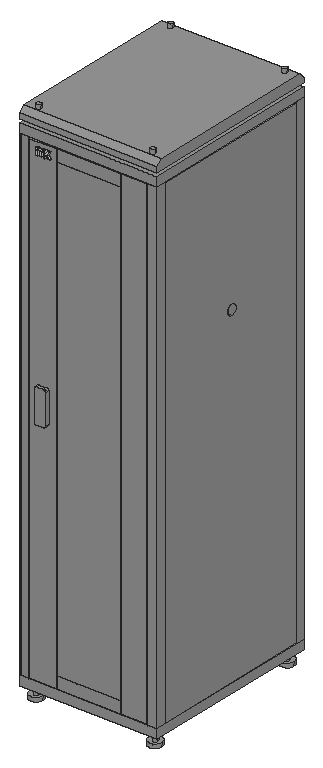
Revit family "ITK Шкаф сетевой 19 LINEA N 18U (600х600 мм и 600х800 мм) с перфорированной передней дверью", category Электрооборудование, Revit 2016
Family settings
  Тип детали = Другая панель
  Размер круглого соединителя = Использовать диаметр
  Номер OmniClass = 23.80.30.11.17
  Заголовок OmniClass = Distribution Boards and Control Panels
  На основе рабочей плоскости = Нет
  Всегда вертикально = Да
  При загрузке вырезать с полостями = Нет
  Общий = Нет
  Точка расчета площади = Нет
Parameters
  Ширина УГО = Ширина / 100  # 6 mm
  Ширина = 600 mm
  Степень защиты = "IP20"
  Смещение УГО по X [instance] = 1000 mm
  Основание = 50 mm
  Описание = "Напольные 19-дюймовые шкафы серии LINEA N применяются для размещения различного телекоммуникационного 19-дюймового активного и пассивного оборудования и небольших серверов, а также специализированного оборудования стандарта 19 дюймов, и отлично подходят для размещения как в офисных помещениях, так и в специализированных серверных комнатах.\r\n\r\nШирокий диапазон типоразмеров и модификаций сетевых шкафов, а также наличие большого количества комплектующих и аксессуаров к ним позволяет заказчику подобрать необходимую спецификацию в соответствии со стоящими перед ним задачами, а соответствие международным стандартам, таким как ISO9001, IEC 297, ISO/IEC 1180, обеспечивает совместимость с компонентами СКС и оборудованием других производителей.\r\n\r\nШкафы LINEA N обладают современным привлекательным дизайном и технологичной, но в то же время простой и удобной конструкцией, которая дает возможность эффективно справляться с задачами быстрого монтажа, администрирования и оперативного изменения конфигурации 19-дюймового оборудования, задачей защиты этого оборудования и поддержания для него оптимального температурного режима. Доступ внутрь шкафа возможен со всех сторон, для ввода кабеля предусмотрены вводы в верхней и нижней части. Сборка шкафа осуществляется одним специалистом и занимает не более 20 минут.\r\nРегулируемые по глубине 19-дюймовые направляющие.\r\nСовременный привлекательный дизайн.\r\nМонтажные профили имеют разметку в юнитах (U).\r\nХорошая естественная вентиляция, возможность установки дополнительных вентиляторных модулей.\r\nБоковые стенки оснащены замком и защелками.\r\nВозможность замены регулируемых ножек на ролики с тормозом.\r\nСтатическая нагрузка до 1000 кг (ножки).\r\nСборка одним человеком за 20 минут.\r\nНаличие большого количества совместимых аксессуаров и комплектующих производства ITK.\r\nВозможно исполнение в двух цветах: сером (RAL7035) и черном (RAL9005).\r\nРасширенная гарантия до 10 лет."  # constant formula
  Материал = Окраска - RAL 7035
  Крышка вентиляционная = 60 mm
  Type Comments = " "
  Assembly Code = ""
  Изготовитель = "ITK"  # constant formula
  Засечка УГО = 1.2 mm  # constant formula
  Model = ""
  Глубина УГО = Глубина / 100  # 8 mm
  Глубина = 800 mm
  Высота = 2312 mm
  Вид установки = "Напольный"
  URL = "http://www.itk-group.ru/produktsiya/catalog/?page=section&id=450&pagen=1&pagec=100"
  ADSK_Ток = ADSK_Номинальная мощность / (ADSK_Коэффициент мощности * ADSK_Напряжение * sqrt(ADSK_Количество фаз числовое))  # 0 A
  ADSK_Примечание = ""
  ADSK_Полная мощность = ADSK_Номинальная мощность / ADSK_Коэффициент мощности  # 0 VA
  ADSK_Позиция [instance] = ""
  ADSK_Номинальная мощность = 0 W
  ADSK_Напряжение = 220 V
  ADSK_Наименование краткое = "LN35-47U68-P"
  ADSK_Наименование = "ITK Шкаф сетевой 19\" LINEA N 47U 600х800 мм, перфорированная передняя дверь, серый"
  ADSK_Масса = 0
  ADSK_Марка = "LN35-47U68-P"
  ADSK_Коэффициент мощности = 1
  ADSK_Количество фаз числовое = 1
  ADSK_Количество фаз = 1
  ADSK_Код изделия = ""
  ADSK_Классификация нагрузок = Прочее
  ADSK_Завод-изготовитель = "IEK"
  ADSK_Единица измерения = "шт"
  ADSK_Группирование = "I. ЩИТЫ И ПУЛЬТЫ"
Reference planes
  plane 1 "По центру (Вперед/Назад)": y = 0
  plane 2: z = 0
  plane 3 "По центру (Влево/Вправо)": x = 0
  plane 4: x = -300
  plane 5: x = 300
  plane 6: y = 400
  plane 7: y = -400
  plane 8: z = 2312
  plane 9: z = 250
  plane 10: z = 2252
  plane 11: z = 50
  plane 12 "Смещение УГО по X": x = -1000
Forms (mm)
  Extrusion 1, solid, detail levels coarse+medium
    sketch origin (0, 0, 0) x (1, 0, 0) y (0, 1, 0)
      loop
        line (-300, 400) -> (-300, -400) -> (300, -400) -> (300, 400) -> (-300, 400)
    from 0 to 2312 <- "Высота"
Lines and regions (mm)
  reference lines
    curve 1: line (0, 169.618, 0) -> (0, -250.382, 0)
Dimensions and locks
  equal spacing: plane 7, plane 1 "По центру (Вперед/Назад)", plane 6
  "Глубина": plane 7 to plane 6
  equal spacing: plane 4, plane 3 "По центру (Влево/Вправо)", plane 5
  "Ширина": plane 4 to plane 5
  "Крышка вентиляционная": plane 8 to plane 10
  "Основание": plane 11 to plane 2
  "Высота": plane 8 to plane 2
  plane 12 "Смещение УГО по X" to plane 3 "По центру (Влево/Вправо)" = 1000 mm
  "Смещение УГО по X": plane 12 "Смещение УГО по X" to curve 1
  aligned and locked: level to plane 2
  aligned and locked: plane 1 "По центру (Вперед/Назад)" to nested 1
  aligned and locked: plane 3 "По центру (Влево/Вправо)" to nested 1
  aligned and locked: plane 3 "По центру (Влево/Вправо)" to nested 2
  aligned and locked: plane 1 "По центру (Вперед/Назад)" to nested 2
  aligned and locked: plane 1 "По центру (Вперед/Назад)" to nested 3
  aligned and locked: plane 3 "По центру (Влево/Вправо)" to nested 3
  aligned and locked: plane 1 "По центру (Вперед/Назад)" to nested 4
  aligned and locked: plane 3 "По центру (Влево/Вправо)" to nested 4
  aligned and locked: plane 3 "По центру (Влево/Вправо)" to nested 5
  aligned and locked: plane 1 "По центру (Вперед/Назад)" to nested 5
  aligned and locked: plane 1 "По центру (Вперед/Назад)" to nested 6
  aligned and locked: plane 3 "По центру (Влево/Вправо)" to nested 6
  aligned and locked: plane 1 "По центру (Вперед/Назад)" to nested 7
  aligned and locked: plane 3 "По центру (Влево/Вправо)" to nested 7
  aligned and locked: Extrusion 1 sketch curve to plane 4
  aligned and locked: Extrusion 1 sketch curve to plane 6
  aligned and locked: plane 7 to Extrusion 1 sketch curve
  aligned and locked: plane 5 to Extrusion 1 sketch curve
  aligned and locked: plane 1 "По центру (Вперед/Назад)" to nested 8
  aligned and locked: nested 1 to nested 4
  aligned and locked: nested 8 to curve 1
Automatic sketch dimensions
  curve 1 to plane 7 = 149.618 mm
  curve 1 to plane 1 "По центру (Вперед/Назад)" = 169.618 mm
Nested families
  nested 1: "Стойка_комплект 4шт" at (0, 0, 0), type "Стойка_комплект 4шт", detail levels fine
    with Основание 50 mm, Глубина 800 mm, Высота 2312 mm
  nested 2: "Панель боковая_2шт" at (0, 0, 0), type "Панель боковая_2шт", detail levels fine
    with Основание 50 mm, Крыша вентиляционная 60 mm, Глубина 800 mm, Высота 2312 mm
  nested 3: "Панель задняя" at (0, 0, 0), type "Панель задняя", detail levels fine
    with Основание 50 mm, Крыша вентиляционная 60 mm, Глубина 800 mm, Высота 2312 mm
  nested 4: "Основание_2шт" at (0, 0, 0), type "Основание_2шт", detail levels fine
    with Крыша вентиляционная 60 mm, Глубина 800 mm, Высота 2312 mm
  nested 5: "Крыша вентиляционная" at (0, 0, 0), type "Крыша вентиляционная", detail levels fine
    with Крыша вентиляционная 60 mm, Глубина 800 mm, Высота 2312 mm
  nested 6: "Ножки" at (0, 0, 0), type "Ножки", detail levels fine
    with Крыша вентиляционная 60 mm, Глубина 800 mm, Высота 2312 mm
  nested 7: "Комплект двери перфорированной" at (0, 0, 0), type "Комплект двери перфорированной", detail levels fine
    with Высота 2312 mm
  nested 8: "УГО (одна дверь)" at (0, 0, 0), type "УГО (одна дверь)", detail levels coarse+medium
    with Ширина УГО 6 mm, Засечка УГО 1.2 mm, Глубина УГО 8 mm
Connectors
  electrical at (0, 400, 1156), driven by "ADSK_Напряжение", driven by "ADSK_Количество фаз", driven by "ADSK_Коэффициент мощности", driven by "ADSK_Классификация нагрузок", driven by "ADSK_Полная мощность"
    settings: on Extrusion 1, index 1, voltage 220 V, apparent load 0 VA, apparent load phase1 0 VA, apparent load phase2 0 VA, apparent load phase3 0 VA, power factor 1, load classification "Прочее", number of poles 1, system type 31, power factor state 1, is connector primary yes, connector utility no, sub classification motor no, connector description ""
Definition of nested family "Стойка_комплект 4шт"
  Parameters
    Ширина = 600 mm
    Основание = 150 mm
    Материал = none
    Крыша вентиляционная = 60 mm
    Глубина = 600 mm
    Высота = 2200 mm
  Reference planes
    plane 1 "По центру (Вперед/Назад)": y = 0
    plane 2: z = 0
    plane 3 "По центру (Влево/Вправо)": x = 0
    plane 4: x = -300
    plane 5: x = 300
    plane 6: y = 300
    plane 7: y = -300
    plane 8: y = 260
    plane 9: y = -260
    plane 10: x = -260
    plane 11: x = 260
    plane 12: z = 2100
    plane 13: z = 190
    plane 14: z = 150
    plane 15: z = 2140
    plane 16: z = 2200
  Forms (mm)
    Extrusion 1, solid, material <- "Материал"
      sketch origin (0, 0, 0) x (1, 0, 0) y (0, 1, 0)
        loop
          line (-300, -260) -> (-300, -300) -> (-260, -300) -> (-260, -280) -> (-245, -280) -> (-245, -260) -> (-260, -260) -> (-260, -245) -> (-270, -245) -> (-270, -260) -> (-300, -260)
        loop
          line (300, -260) -> (270, -260) -> (270, -245) -> (260, -245) -> (260, -260) -> (245, -260) -> (245, -280) -> (260, -280) -> (260, -300) -> (300, -300) -> (300, -260)
        loop
          line (300, 260) -> (300, 300) -> (260, 300) -> (260, 270) -> (245, 270) -> (245, 260) -> (260, 260) -> (260, 245) -> (270, 245) -> (270, 260) -> (300, 260)
        loop
          line (-300, 260) -> (-270, 260) -> (-270, 245) -> (-260, 245) -> (-260, 260) -> (-245, 260) -> (-245, 270) -> (-260, 270) -> (-260, 300) -> (-300, 300) -> (-300, 260)
        loop
          line (297, 297) -> (263, 297) -> (263, 267) -> (248, 267) -> (248, 263) -> (263, 263) -> (263, 248) -> (267, 248) -> (267, 263) -> (297, 263) -> (297, 297)
        loop
          line (-263, 297) -> (-297, 297) -> (-297, 263) -> (-267, 263) -> (-267, 248) -> (-263, 248) -> (-263, 263) -> (-248, 263) -> (-248, 267) -> (-263, 267) -> (-263, 297)
        loop
          line (-297, -263) -> (-297, -297) -> (-263, -297) -> (-263, -277) -> (-248, -277) -> (-248, -263) -> (-263, -263) -> (-263, -248) -> (-267, -248) -> (-267, -263) -> (-297, -263)
        loop
          line (263, -297) -> (297, -297) -> (297, -263) -> (267, -263) -> (267, -248) -> (263, -248) -> (263, -263) -> (248, -263) -> (248, -277) -> (263, -277) -> (263, -297)
      from 190 to 2100
  Dimensions and locks
    equal spacing: plane 7, plane 1 "По центру (Вперед/Назад)", plane 6
    equal spacing: plane 4, plane 3 "По центру (Влево/Вправо)", plane 5
    "Ширина": plane 4 to plane 5
    "Глубина": plane 7 to plane 6
    locked: plane 7 to plane 9 at 40
    locked: plane 6 to plane 8 at 40
    locked: plane 11 to plane 5 at 40
    locked: plane 4 to plane 10 at 40
    locked: plane 15 to plane 12 at 40
    "Крыша вентиляционная": plane 16 to plane 15
    locked: plane 13 to plane 14 at 40
    "Основание": plane 14 to plane 2
    "Высота": plane 16 to plane 2
    aligned and locked: level to plane 2
    aligned and locked: plane 9 to Extrusion 1 sketch curve
    aligned and locked: plane 4 to Extrusion 1 sketch curve
    aligned and locked: Extrusion 1 sketch curve to plane 7
    aligned and locked: plane 5 to Extrusion 1 sketch curve
    aligned and locked: plane 8 to Extrusion 1 sketch curve  (x2)
    aligned and locked: Extrusion 1 sketch curve to plane 11  (x2)
    aligned and locked: Extrusion 1 sketch curve to plane 6
    aligned and locked: plane 10 to Extrusion 1 sketch curve  (x2)
    aligned and locked: Extrusion 1 sketch curve to plane 8  (x2)
    aligned and locked: plane 6 to Extrusion 1 sketch curve
    aligned and locked: Extrusion 1 sketch curve to plane 4
    aligned and locked: plane 7 to Extrusion 1 sketch curve
    aligned and locked: Extrusion 1 sketch curve to plane 5
    aligned and locked: Extrusion 1 sketch curve to plane 9
    aligned and locked: plane 11 to Extrusion 1 sketch curve
    aligned and locked: plane 12 to Extrusion 1
    aligned and locked: Extrusion 1 to plane 13
  Automatic sketch dimensions
    Extrusion 1 sketch curve to plane 10 = 0 mm  (x2)
    plane 9 to Extrusion 1 sketch curve = 0 mm  (x2)
    Extrusion 1 sketch curve to plane 11 = 0 mm
    plane 4 to Extrusion 1 sketch curve = 3 mm  (x2)
    Extrusion 1 sketch curve to plane 10 = 10 mm  (x2)
    Extrusion 1 sketch curve to Extrusion 1 sketch curve = 3 mm  (x16)
    Extrusion 1 sketch curve to plane 10 = 3 mm  (x4)
    plane 10 to Extrusion 1 sketch curve = 12 mm  (x2)
    Extrusion 1 sketch curve to Extrusion 1 sketch curve = 15 mm  (x2)
    Extrusion 1 sketch curve to plane 11 = 3 mm  (x4)
    Extrusion 1 sketch curve to Extrusion 1 sketch curve = 4 mm  (x4)
    plane 5 to Extrusion 1 sketch curve = 3 mm  (x2)
    Extrusion 1 sketch curve to plane 7 = 3 mm  (x2)
    Extrusion 1 sketch curve to plane 7 = 20 mm  (x2)
    plane 9 to Extrusion 1 sketch curve = 3 mm  (x4)
    Extrusion 1 sketch curve to plane 9 = 12 mm  (x2)
    Extrusion 1 sketch curve to plane 8 = 15 mm  (x2)
    plane 8 to Extrusion 1 sketch curve = 3 mm  (x4)
    Extrusion 1 sketch curve to plane 6 = 3 mm  (x2)
Definition of nested family "Панель боковая_2шт"
  Parameters
    Ширина = 600 mm
    Основание = 150 mm
    Материал = none
    Крыша вентиляционная = 80 mm
    Глубина = 600 mm
    Высота = 1800 mm
  Reference planes
    plane 1 "По центру (Вперед/Назад)": y = 0
    plane 2: z = 0
    plane 3 "По центру (Влево/Вправо)": x = 0
    plane 4: x = -300
    plane 5: x = 300
    plane 6: y = 300
    plane 7: y = -300
    plane 8: y = 260
    plane 9: y = -260
    plane 10: x = -260
    plane 11: x = 260
    plane 12: z = 1680
    plane 13: z = 190
    plane 14: z = 1675
    plane 15: z = 195
    plane 16: z = 150
    plane 17: z = 1720
    plane 18: z = 1800
    plane 19: z = 1250
    plane 20: z = 700
  Forms (mm)
    Extrusion 1, solid, material <- "Материал"
      sketch origin (0, 0, 0) x (1, 0, 0) y (0, 1, 0)
        loop
          line (-300, 255) -> (-300, -255) -> (-269.98, -255) -> (-269.98, -245) -> (-289.98, -245) -> (-289.98, 245) -> (-270, 245) -> (-270, 255) -> (-300, 255)
        loop
          line (300, 255) -> (269.98, 255) -> (269.98, 245) -> (289.98, 245) -> (289.98, -245) -> (269.98, -245) -> (269.98, -255) -> (300, -255) -> (300, 255)
      from 195 to 1675
  Dimensions and locks
    equal spacing: plane 7, plane 1 "По центру (Вперед/Назад)", plane 6
    equal spacing: plane 4, plane 3 "По центру (Влево/Вправо)", plane 5
    "Ширина": plane 4 to plane 5
    "Глубина": plane 7 to plane 6
    locked: plane 7 to plane 9 at 40
    locked: plane 6 to plane 8 at 40
    locked: plane 11 to plane 5 at 40
    locked: plane 4 to plane 10 at 40
    locked: plane 12 to plane 14 at 5
    locked: plane 15 to plane 13 at 5
    locked: plane 13 to plane 16 at 40
    "Основание": plane 16 to plane 2
    locked: plane 17 to plane 12 at 40
    "Крыша вентиляционная": plane 18 to plane 17
    equal spacing: plane 18, plane 19, plane 20, plane 16
    "Высота": plane 18 to plane 2
    aligned and locked: level to plane 2
    aligned and locked: plane 4 to Extrusion 1 sketch curve
    aligned and locked: Extrusion 1 sketch curve to plane 5
    aligned and locked: plane 14 to Extrusion 1
    aligned and locked: Extrusion 1 to plane 15
    aligned and locked: nested 2 to plane 1 "По центру (Вперед/Назад)"
    aligned and locked: nested 2 to plane 19
    aligned and locked: nested 1 to plane 19
    aligned and locked: plane 1 "По центру (Вперед/Назад)" to nested 1
  Automatic sketch dimensions
    plane 4 to Extrusion 1 sketch curve = 10.02 mm
    Extrusion 1 sketch curve to plane 10 = 10 mm
    Extrusion 1 sketch curve to plane 10 = 9.98 mm
    Extrusion 1 sketch curve to plane 11 = 9.98 mm  (x2)
    plane 5 to Extrusion 1 sketch curve = 10.02 mm
    Extrusion 1 sketch curve to plane 9 = 15 mm  (x2)
    Extrusion 1 sketch curve to plane 8 = 15 mm  (x2)
    Extrusion 1 sketch curve to plane 9 = 5 mm  (x2)
    Extrusion 1 sketch curve to plane 8 = 5 mm  (x2)
  Nested families
    nested 1: "Замок" at (-300, 0, 1250) x (0, -1, 0) z (-1, 0, 0), type "Замок"
    nested 2: "Замок" at (300, 0, 1250) x (0, 1, 0) z (1, 0, 0), type "Замок"
  Definition of nested family "Замок"
    Parameters
      Default Elevation = 1219.2 mm
      Материал = none
    Reference planes
      plane 1 "По центру (Вперед/Назад)": y = 0
      plane 2: z = 0
      plane 3 "По центру (Влево/Вправо)": x = 0
    Forms (mm)
      Extrusion 1, solid
        sketch origin (0, 0, 0) x (1, 0, 0) y (0, 1, 0)
          loop
            line (-1219.2, 1219.2) -> (-1219.2, -1219.2) -> (1219.2, -1219.2) -> (1219.2, 1219.2) -> (-1219.2, 1219.2)
        from 0 to -304.8
      Extrusion 2, solid, material <- "Материал"
        sketch origin (0, 0, 0) x (1, 0, 0) y (0, 1, 0)
          loop
            circle (0, 0) r 20
          loop
            line (3, 8.219) -> (-3, 8.219) -> (-3, -8.219) -> (3, -8.219) -> (3, 8.219)
        from 0 to 7
    Dimensions and locks
      aligned and locked: plane 2 to Extrusion 1
      aligned and locked: level to Extrusion 1
Definition of nested family "Панель задняя"
  Parameters
    Ширина = 600 mm
    Основание = 150 mm
    Материал = none
    Крыша вентиляционная = 45 mm
    Глубина = 600 mm
    Высота = 1800 mm
  Reference planes
    plane 1 "По центру (Вперед/Назад)": y = 0
    plane 2: z = 0
    plane 3 "По центру (Влево/Вправо)": x = 0
    plane 4: x = -300
    plane 5: x = 300
    plane 6: y = 300
    plane 7: y = -300
    plane 8: y = 260
    plane 9: y = -260
    plane 10: x = -260
    plane 11: x = 260
    plane 12: z = 1715
    plane 13: z = 190
    plane 14: z = 1710
    plane 15: z = 195
    plane 16: z = 1755
    plane 17: z = 1800
    plane 18: z = 150
    plane 19: z = 240
    plane 20: z = 320
    plane 21: z = 370
    plane 22: z = 1665
    plane 23: z = 1585
    plane 24: z = 1535
    plane 25: z = 952.5
    plane 26: x = 140
    plane 27: x = -140
  Forms (mm)
    Extrusion 1, solid, material <- "Материал"
      sketch origin (0, 0, 0) x (1, 0, 0) y (0, 1, 0)
        loop
          line (-255, 300) -> (-255, 270) -> (-245, 270) -> (-245, 290) -> (245, 290) -> (245, 270) -> (255, 270) -> (255, 300) -> (-255, 300)
      from 195 to 1710
    Extrusion 2, void
      sketch origin (0, 0, 0) x (1, 0, 0) y (0, 0, 1)
        loop
          line (-255, 372.527) -> (-255, 367.473) -> (255, 367.473) -> (255, 372.527) -> (-255, 372.527)
        loop
          line (-175, 320) -> (-175, 240) -> (175, 240) -> (175, 320) -> (-175, 320)
        loop
          line (-170, 245) -> (170, 245) -> (170, 315) -> (-170, 315) -> (-170, 245)
        loop
          line (-255, 1532.473) -> (255, 1532.473) -> (255, 1537.527) -> (-255, 1537.527) -> (-255, 1532.473)
        loop
          line (-175, 1585) -> (175, 1585) -> (175, 1665) -> (-175, 1665) -> (-175, 1585)
        loop
          line (-170, 1660) -> (-170, 1590) -> (170, 1590) -> (170, 1660) -> (-170, 1660)
      from -300 to -293
  Cuts and joins
    Extrusion 2 cuts Extrusion 1
  Dimensions and locks
    equal spacing: plane 7, plane 1 "По центру (Вперед/Назад)", plane 6
    equal spacing: plane 4, plane 3 "По центру (Влево/Вправо)", plane 5
    "Ширина": plane 4 to plane 5
    "Глубина": plane 7 to plane 6
    locked: plane 7 to plane 9 at 40
    locked: plane 6 to plane 8 at 40
    locked: plane 11 to plane 5 at 40
    locked: plane 4 to plane 10 at 40
    locked: plane 12 to plane 14 at 5
    locked: plane 15 to plane 13 at 5
    locked: plane 16 to plane 12 at 40
    "Крыша вентиляционная": plane 17 to plane 16
    locked: plane 13 to plane 18 at 40
    "Основание": plane 18 to plane 2
    equal spacing: Extrusion 2 sketch curve, plane 21, Extrusion 2 sketch curve
    locked: Extrusion 2 sketch curve to Extrusion 2 sketch curve at 5.053  (x2)
    equal spacing: Extrusion 2 sketch curve, plane 3 "По центру (Влево/Вправо)", Extrusion 2 sketch curve  (x2)
    locked: Extrusion 2 sketch curve to Extrusion 2 sketch curve at 350  (x2)
    locked: plane 19 to plane 13 at 50
    locked: plane 21 to plane 20 at 50
    locked: plane 20 to plane 19 at 80
    locked: plane 23 to plane 24 at 50
    locked: plane 12 to plane 22 at 50
    locked: plane 22 to plane 23 at 80
    equal spacing: Extrusion 2 sketch curve, plane 24, Extrusion 2 sketch curve
    locked: plane 27 to plane 10 at 120
    locked: plane 26 to plane 11 at 120
    "Высота": plane 17 to plane 2
    equal spacing: plane 18, plane 25, plane 16
    aligned and locked: level to plane 2
    aligned and locked: Extrusion 1 sketch curve to plane 6
    aligned and locked: plane 14 to Extrusion 1
    aligned and locked: Extrusion 1 to plane 15
    aligned and locked: Extrusion 2 sketch curve to Extrusion 1  (x2)
    aligned and locked: Extrusion 2 sketch curve to plane 20
    aligned and locked: plane 19 to Extrusion 2 sketch curve
    aligned and locked: plane 6 to Extrusion 2
    aligned and locked: Extrusion 2 sketch curve to plane 23
    aligned and locked: plane 22 to Extrusion 2 sketch curve
    aligned and locked: nested 2 to plane 25
    aligned and locked: plane 26 to nested 2
    aligned and locked: nested 1 to plane 25
    aligned and locked: nested 1 to plane 27
  Automatic sketch dimensions
    plane 10 to Extrusion 1 sketch curve = 5 mm
    Extrusion 1 sketch curve to Extrusion 1 sketch curve = 10 mm
    plane 11 to Extrusion 1 sketch curve = 15 mm
    plane 11 to Extrusion 1 sketch curve = 5 mm
    Extrusion 1 sketch curve to plane 6 = 10 mm
    plane 8 to Extrusion 1 sketch curve = 10 mm  (x2)
    plane 10 to Extrusion 2 sketch curve = 5 mm
    Extrusion 2 sketch curve to Extrusion 2 sketch curve = 5 mm  (x4)
    plane 11 to Extrusion 2 sketch curve = 5 mm
    plane 19 to Extrusion 2 sketch curve = 5 mm
    Extrusion 2 sketch curve to plane 20 = 5 mm
    plane 23 to Extrusion 2 sketch curve = 5 mm
    Extrusion 2 sketch curve to plane 22 = 5 mm
  Nested families
    nested 1: "Замок" at (-140, 300, 952.5) x (-1, 0, 0) z (0, 1, 0), type "Замок"
    nested 2: "Замок" at (140, 300, 952.5) x (-1, 0, 0) z (0, 1, 0), type "Замок"
  Definition of nested family "Замок"
    Parameters
      Default Elevation = 1219.2 mm
      Материал = none
    Reference planes
      plane 1 "По центру (Вперед/Назад)": y = 0
      plane 2: z = 0
      plane 3 "По центру (Влево/Вправо)": x = 0
    Forms (mm)
      Extrusion 1, solid
        sketch origin (0, 0, 0) x (1, 0, 0) y (0, 1, 0)
          loop
            line (-1219.2, 1219.2) -> (-1219.2, -1219.2) -> (1219.2, -1219.2) -> (1219.2, 1219.2) -> (-1219.2, 1219.2)
        from 0 to -304.8
      Extrusion 2, solid, material <- "Материал"
        sketch origin (0, 0, 0) x (1, 0, 0) y (0, 1, 0)
          loop
            circle (0, 0) r 20
          loop
            line (3, 8.219) -> (-3, 8.219) -> (-3, -8.219) -> (3, -8.219) -> (3, 8.219)
        from 0 to 7
    Dimensions and locks
      aligned and locked: plane 2 to Extrusion 1
      aligned and locked: level to Extrusion 1
Definition of nested family "Основание_2шт"
  Parameters
    Ширина = 600 mm
    Основание = 50 mm
    Материал = none
    Крыша вентиляционная = 100 mm
    Глубина = 600 mm
    Высота = 1800 mm
  Reference planes
    plane 1 "По центру (Вперед/Назад)": y = 0
    plane 2: z = 0
    plane 3 "По центру (Влево/Вправо)": x = 0
    plane 4: x = -300
    plane 5: x = 300
    plane 6: y = 300
    plane 7: y = -300
    plane 8: y = 260
    plane 9: y = -260
    plane 10: x = -260
    plane 11: x = 260
    plane 12: z = 1800
    plane 13: z = 90
    plane 14: z = 50
    plane 15: z = 1700
    plane 16: z = 1660
    plane 17: z = 1655
    plane 18: z = 95
  Forms (mm)
    Extrusion 1, solid, material <- "Материал"
      sketch origin (0, 0, 0) x (1, 0, 0) y (0, 0, 1)
        loop
          line (-300, 1700) -> (-300, 1660) -> (300, 1660) -> (300, 1700) -> (-300, 1700)
        loop
          line (-300, 90) -> (-300, 50) -> (300, 50) -> (300, 90) -> (-300, 90)
      from -300 to 300
    Extrusion 2, solid, material <- "Материал"
      sketch origin (-1511.359, -1524, 1660) x (-1, 0, 0) y (0, -1, 0)
        loop
          line (-1771.359, -1769) -> (-1771.359, -1784) -> (-1756.359, -1784) -> (-1756.359, -1814) -> (-1266.359, -1814) -> (-1266.359, -1784) -> (-1251.359, -1784) -> (-1251.359, -1769) -> (-1221.359, -1769) -> (-1221.359, -1279) -> (-1251.359, -1279) -> (-1251.359, -1264) -> (-1266.359, -1264) -> (-1266.359, -1244) -> (-1756.359, -1244) -> (-1756.359, -1264) -> (-1771.359, -1264) -> (-1771.359, -1279) -> (-1801.359, -1279) -> (-1801.359, -1769) -> (-1771.359, -1769)
      from -5 to 0
    Extrusion 3, solid, material <- "Материал"
      sketch origin (-1511.359, -1524, 384.733) x (0, 1, 0) y (1, 0, 0)
        loop
          line (1769, 1771.359) -> (1769, 1801.359) -> (1279, 1801.359) -> (1279, 1771.359) -> (1264, 1771.359) -> (1264, 1756.359) -> (1244, 1756.359) -> (1244, 1266.359) -> (1264, 1266.359) -> (1264, 1251.359) -> (1279, 1251.359) -> (1279, 1221.359) -> (1769, 1221.359) -> (1769, 1251.359) -> (1784, 1251.359) -> (1784, 1266.359) -> (1814, 1266.359) -> (1814, 1756.359) -> (1784, 1756.359) -> (1784, 1771.359) -> (1769, 1771.359)
      from 289.733 to 294.733
  Dimensions and locks
    equal spacing: plane 7, plane 1 "По центру (Вперед/Назад)", plane 6
    equal spacing: plane 4, plane 3 "По центру (Влево/Вправо)", plane 5
    "Ширина": plane 4 to plane 5
    "Глубина": plane 7 to plane 6
    locked: plane 7 to plane 9 at 40
    locked: plane 6 to plane 8 at 40
    locked: plane 11 to plane 5 at 40
    locked: plane 4 to plane 10 at 40
    "Основание": plane 14 to plane 2
    locked: plane 13 to plane 14 at 40
    locked: plane 15 to plane 16 at 40
    "Крыша вентиляционная": plane 12 to plane 15
    locked: plane 16 to plane 17 at 5
    locked: plane 18 to plane 13 at 5
    "Высота": plane 12 to plane 2
    aligned and locked: level to plane 2
    aligned and locked: Extrusion 1 sketch curve to plane 15
    aligned and locked: plane 4 to Extrusion 1 sketch curve  (x2)
    aligned and locked: plane 16 to Extrusion 1 sketch curve
    aligned and locked: plane 5 to Extrusion 1 sketch curve  (x2)
    aligned and locked: Extrusion 1 sketch curve to plane 13
    aligned and locked: plane 14 to Extrusion 1 sketch curve
    aligned and locked: plane 6 to Extrusion 1
    aligned and locked: plane 7 to Extrusion 1
    aligned and locked: plane 9 to Extrusion 2 sketch curve
    aligned and locked: Extrusion 2 sketch curve to plane 9
    aligned and locked: Extrusion 2 sketch curve to plane 10
    aligned and locked: plane 11 to Extrusion 2 sketch curve
    aligned and locked: Extrusion 2 sketch curve to plane 11
    aligned and locked: plane 8 to Extrusion 2 sketch curve
    aligned and locked: Extrusion 2 sketch curve to plane 8
    aligned and locked: plane 10 to Extrusion 2 sketch curve
    aligned and locked: plane 16 to Extrusion 2
    aligned and locked: Extrusion 2 to plane 17
    aligned and locked: Extrusion 3 to plane 13
    aligned and locked: plane 18 to Extrusion 3
    aligned and locked: Extrusion 2 sketch curve to Extrusion 3
  Automatic sketch dimensions
    plane 5 to Extrusion 2 sketch curve = 10 mm
    Extrusion 2 sketch curve to Extrusion 2 sketch curve = 15 mm  (x2)
    plane 10 to Extrusion 2 sketch curve = 15 mm  (x2)
    plane 4 to Extrusion 2 sketch curve = 10 mm
    Extrusion 2 sketch curve to plane 6 = 10 mm
    Extrusion 2 sketch curve to plane 8 = 15 mm  (x2)
    Extrusion 2 sketch curve to plane 9 = 15 mm  (x2)
    plane 9 to Extrusion 3 sketch curve = 0 mm  (x2)
    Extrusion 3 sketch curve to plane 11 = 0 mm  (x2)
    Extrusion 3 sketch curve to plane 10 = 0 mm  (x2)
    Extrusion 3 sketch curve to plane 8 = 0 mm  (x2)
    Extrusion 3 sketch curve to plane 7 = 20 mm
    Extrusion 3 sketch curve to plane 9 = 15 mm  (x2)
    Extrusion 3 sketch curve to Extrusion 3 sketch curve = 15 mm  (x3)
    Extrusion 3 sketch curve to plane 8 = 15 mm
    Extrusion 3 sketch curve to plane 6 = 10 mm
    plane 5 to Extrusion 3 sketch curve = 10 mm
    plane 10 to Extrusion 3 sketch curve = 15 mm  (x2)
    plane 4 to Extrusion 3 sketch curve = 10 mm
Definition of nested family "Крыша вентиляционная"
  Parameters
    Ширина = 600 mm
    Основание = 50 mm
    Материал = none
    Крыша вентиляционная = 65 mm
    Глубина = 600 mm
    Высота = 1805 mm
  Reference planes
    plane 1 "По центру (Вперед/Назад)": y = 0
    plane 2: z = 0
    plane 3 "По центру (Влево/Вправо)": x = 0
    plane 4: x = -300
    plane 5: x = 300
    plane 6: y = 300
    plane 7: y = -300
    plane 8: y = 260
    plane 9: y = -260
    plane 10: x = -260
    plane 11: x = 260
    plane 12: z = 1805
    plane 13: z = 50
    plane 14: z = 1740
    plane 15: z = 1820
    plane 16: z = 1755
  Forms (mm)
    Extrusion 1, solid, material <- "Материал"
      sketch origin (-1511.359, -1524, 1710) x (-1, 0, 0) y (0, -1, 0)
        loop
          circle (-1761.359, -1784) r 10
        loop
          circle (-1761.359, -1264) r 10
        loop
          circle (-1261.359, -1784) r 10
        loop
          circle (-1261.359, -1264) r 10
      from 30 to 110
    Extrusion 2, solid, material <- "Материал"
      sketch origin (0, 0, 0) x (0, 1, 0) y (0, 0, 1)
        loop
          line (-275, 1805) -> (-300, 1780) -> (-300, 1755) -> (300, 1755) -> (300, 1780) -> (275, 1805) -> (-275, 1805)
      from -300 to 300
  Cuts and joins
    joined: Extrusion 1, Extrusion 2
  Dimensions and locks
    equal spacing: plane 7, plane 1 "По центру (Вперед/Назад)", plane 6
    equal spacing: plane 4, plane 3 "По центру (Влево/Вправо)", plane 5
    "Ширина": plane 4 to plane 5
    "Глубина": plane 7 to plane 6
    locked: plane 7 to plane 9 at 40
    locked: plane 6 to plane 8 at 40
    locked: plane 11 to plane 5 at 40
    locked: plane 4 to plane 10 at 40
    "Основание": plane 13 to plane 2
    "Крыша вентиляционная": plane 12 to plane 14
    locked: plane 15 to plane 12 at 15
    locked: plane 16 to plane 14 at 15
    equal spacing: plane 12, Extrusion 2 sketch curve, plane 16  (x2)
    "Высота": plane 12 to plane 2
    locked: plane 12 to Extrusion 2 sketch curve (angle 45.00°)
    locked: Extrusion 2 sketch curve to plane 12 (angle 45.00°)
    aligned and locked: level to plane 2
    aligned and locked: Extrusion 1 to plane 14
    aligned and locked: plane 15 to Extrusion 1
    aligned and locked: Extrusion 2 sketch curve to plane 12
    aligned and locked: Extrusion 2 sketch curve to plane 7
    aligned and locked: plane 16 to Extrusion 2 sketch curve
    aligned and locked: Extrusion 2 sketch curve to plane 6
    aligned and locked: Extrusion 2 to plane 4
    aligned and locked: Extrusion 2 to plane 5
  Automatic sketch dimensions
    plane 9 to Extrusion 1 sketch curve = 0 mm  (x2)
    Extrusion 1 sketch curve to plane 8 = 0 mm  (x2)
    plane 11 to Extrusion 1 sketch curve = 10 mm  (x2)
    plane 10 to Extrusion 1 sketch curve = 10 mm  (x2)
    radius of Extrusion 1 sketch curve = 10 mm  (x4)
Definition of nested family "Ножки"
  Parameters
    Ширина = 600 mm
    Основание = 50 mm
    Материал = none
    Крыша вентиляционная = 100 mm
    Глубина = 600 mm
    Высота = 1800 mm
  Reference planes
    plane 1 "По центру (Вперед/Назад)": y = 0
    plane 2: z = 0
    plane 3 "По центру (Влево/Вправо)": x = 0
    plane 4: x = -300
    plane 5: x = 300
    plane 6: y = 300
    plane 7: y = -300
    plane 8: y = 260
    plane 9: y = -260
    plane 10: x = -260
    plane 11: x = 260
    plane 12: z = 1850
    plane 13: z = 50
    plane 14: z = 15
  Forms (mm)
    Extrusion 1, solid, material <- "Материал"
      sketch origin (-1511.359, -1524, 1710) x (-1, 0, 0) y (0, -1, 0)
        loop
          circle (-1251.359, -1784) r 30
        loop
          circle (-1771.359, -1784) r 30
        loop
          circle (-1251.359, -1264) r 30
        loop
          circle (-1771.359, -1264) r 30
      from -1710 to -1695
    Extrusion 2, solid, material <- "Материал"
      sketch origin (-1511.359, -1524, 1710) x (-1, 0, 0) y (0, -1, 0)
        loop
          circle (-1251.359, -1784) r 10
        loop
          circle (-1771.359, -1784) r 10
        loop
          circle (-1251.359, -1264) r 10
        loop
          circle (-1771.359, -1264) r 10
      from -1695 to -1660
  Dimensions and locks
    equal spacing: plane 7, plane 1 "По центру (Вперед/Назад)", plane 6
    equal spacing: plane 4, plane 3 "По центру (Влево/Вправо)", plane 5
    "Ширина": plane 4 to plane 5
    "Глубина": plane 7 to plane 6
    locked: plane 7 to plane 9 at 40
    locked: plane 6 to plane 8 at 40
    locked: plane 11 to plane 5 at 40
    locked: plane 4 to plane 10 at 40
    "Основание": plane 13 to plane 2
    "Высота": plane 12 to plane 13
    locked: plane 14 to plane 2 at 15
    aligned and locked: level to plane 2
    aligned and locked: plane 10 to Extrusion 1 sketch curve  (x2)
    aligned and locked: plane 9 to Extrusion 1 sketch curve  (x2)
    aligned and locked: plane 11 to Extrusion 1 sketch curve  (x2)
    aligned and locked: plane 8 to Extrusion 1 sketch curve  (x2)
    aligned and locked: plane 10 to Extrusion 2 sketch curve  (x2)
    aligned and locked: plane 8 to Extrusion 2 sketch curve  (x2)
    aligned and locked: plane 11 to Extrusion 2 sketch curve  (x2)
    aligned and locked: plane 9 to Extrusion 2 sketch curve  (x2)
    aligned and locked: Extrusion 1 to level
    aligned and locked: plane 14 to Extrusion 1
    aligned and locked: Extrusion 2 to plane 14
    aligned and locked: plane 13 to Extrusion 2
  Automatic sketch dimensions
    radius of Extrusion 1 sketch curve = 30 mm  (x4)
    radius of Extrusion 2 sketch curve = 10 mm  (x4)
Definition of nested family "Комплект двери перфорированной"
  Parameters (values of type "Комплект двери перфорированной")
    Ширина = 600 mm
    Основание = 50 mm
    Материал = none
    Крыша вентиляционная = 60 mm
    Глубина = 800 mm
    Высота = 3000 mm
  Reference planes
    plane 1 "По центру (Вперед/Назад)": y = 0
    plane 2: z = 0
    plane 3 "По центру (Влево/Вправо)": x = 0
    plane 4: x = -300
    plane 5: x = 300
    plane 6: y = 400
    plane 7: y = -400
    plane 8: y = 360
    plane 9: y = -360
    plane 10: x = -260
    plane 11: x = 260
    plane 12: z = 2900
    plane 13: z = 90
    plane 14: z = 2895
    plane 15: z = 95
    plane 16: z = 2940
    plane 17: z = 3000
    plane 18: z = 50
    plane 19: z = 1525
    plane 20: x = -200
    plane 21: x = -140
    plane 22: x = 140
    plane 23: z = 2845
    plane 24: z = 145
  Forms (mm)
    Extrusion 1, solid, material <- "Материал"
      sketch origin (0, 0, 0) x (1, 0, 0) y (0, 1, 0)
        loop
          line (-255, -400) -> (-140, -400) -> (-140, -380) -> (-235, -380) -> (-235, -365) -> (-245, -365) -> (-245, -380) -> (-255, -380) -> (-255, -400)
        loop
          line (255, -400) -> (255, -380) -> (245, -380) -> (245, -365) -> (235, -365) -> (235, -380) -> (140, -380) -> (140, -400) -> (255, -400)
      from 95 to 2895
    Extrusion 2, solid
      sketch origin (0, 0, 0) x (1, 0, 0) y (0, 1, 0)
        loop
          line (-140, -380) -> (-140, -400) -> (140, -400) -> (140, -380) -> (-140, -380)
      from 145 to 2845
    Extrusion 3, solid, material <- "Материал"
      sketch origin (0, 0, 0) x (1, 0, 0) y (0, 1, 0)
        loop
          line (140, -380) -> (-140, -380) -> (-140, -400) -> (140, -400) -> (140, -380)
      from 95 to 145
    Extrusion 4, solid, material <- "Материал"
      sketch origin (0, 0, 2062) x (1, 0, 0) y (0, 1, 0)
        loop
          line (140, -380) -> (-140, -380) -> (-140, -400) -> (140, -400) -> (140, -380)
      from 783 to 833
  Dimensions and locks
    equal spacing: plane 7, plane 1 "По центру (Вперед/Назад)", plane 6
    equal spacing: plane 4, plane 3 "По центру (Влево/Вправо)", plane 5
    "Ширина": plane 4 to plane 5
    "Глубина": plane 7 to plane 6
    locked: plane 7 to plane 9 at 40
    locked: plane 6 to plane 8 at 40
    locked: plane 11 to plane 5 at 40
    locked: plane 4 to plane 10 at 40
    locked: plane 12 to plane 14 at 5
    locked: plane 15 to plane 13 at 5
    locked: plane 16 to plane 12 at 40
    "Крыша вентиляционная": plane 17 to plane 16
    locked: plane 13 to plane 18 at 40
    "Основание": plane 18 to plane 2
    equal spacing: plane 17, plane 19, plane 18
    locked: plane 4 to plane 21 at 160
    locked: plane 22 to plane 5 at 160
    locked: plane 4 to plane 20 at 100
    locked: plane 14 to plane 23 at 50
    "Высота": plane 17 to plane 2
    locked: plane 24 to plane 15 at 50
    aligned and locked: level to plane 2
    aligned and locked: plane 14 to Extrusion 1
    aligned and locked: Extrusion 1 to plane 15
    aligned and locked: nested 1 to plane 19
    aligned and locked: plane 20 to nested 1
    aligned and locked: Extrusion 1 sketch curve to plane 21
    aligned and locked: Extrusion 1 sketch curve to plane 22
    aligned and locked: Extrusion 2 sketch curve to Extrusion 1  (x4)
    aligned and locked: plane 20 to nested 2
    aligned and locked: nested 2 to plane 23
    aligned and locked: Extrusion 2 to plane 24
    aligned and locked: Extrusion 3 sketch curve to Extrusion 2  (x4)
    aligned and locked: Extrusion 3 to plane 15
    aligned and locked: Extrusion 3 to Extrusion 2
    aligned and locked: Extrusion 2 to nested 2
    aligned and locked: nested 2 to Extrusion 4
    aligned and locked: plane 14 to Extrusion 4
  Automatic sketch dimensions
    plane 7 to Extrusion 1 sketch curve = 0 mm  (x2)
    Extrusion 1 sketch curve to plane 10 = 25 mm
    Extrusion 1 sketch curve to Extrusion 1 sketch curve = 10 mm  (x2)
    Extrusion 1 sketch curve to plane 10 = 5 mm
    Extrusion 1 sketch curve to plane 9 = 5 mm  (x2)
    Extrusion 1 sketch curve to plane 11 = 25 mm
    Extrusion 1 sketch curve to plane 11 = 5 mm
    plane 7 to Extrusion 1 sketch curve = 20 mm
    Extrusion 1 sketch curve to Extrusion 1 sketch curve = 15 mm
    Extrusion 1 sketch curve to Extrusion 1 sketch curve = 0 mm  (x2)
    plane 7 to Extrusion 4 sketch curve = 0 mm
    Extrusion 4 sketch curve to plane 7 = 20 mm
    plane 5 to Extrusion 4 sketch curve = 440 mm
    Extrusion 4 sketch curve to Extrusion 4 sketch curve = 280 mm
  Nested families
    nested 1: "Ручка" at (-200, -400, 1525) x (1, 0, 0) z (0, -1, 0), type "Ручка"
    nested 2: "Логотип" at (-200, -400, 2845) x (1, 0, 0) z (0, -1, 0), type "Логотип"
  Definition of nested family "Ручка"
    Parameters
      Default Elevation = 1219.2 mm
      Материал = none
    Reference planes
      plane 1 "По центру (Вперед/Назад)": y = 0
      plane 2: z = 0
      plane 3 "По центру (Влево/Вправо)": x = 0
    Forms (mm)
      Extrusion 1, solid
        sketch origin (0, 0, 0) x (1, 0, 0) y (0, 1, 0)
          loop
            line (-1219.2, 1219.2) -> (-1219.2, -1219.2) -> (1219.2, -1219.2) -> (1219.2, 1219.2) -> (-1219.2, 1219.2)
        from 0 to -304.8
      Extrusion 2, solid, material <- "Материал"
        sketch origin (0, 0, 0) x (1, 0, 0) y (0, 1, 0)
          loop
            arc (-15, 75) -> (-22.071, 72.071) -> (-25, 65) r 10
            line (-25, 65) -> (-25, -65)
            arc (-25, -65) -> (-22.071, -72.071) -> (-15, -75) r 10
            line (-15, -75) -> (15, -75)
            arc (15, -75) -> (22.071, -72.071) -> (25, -65) r 10
            line (25, -65) -> (25, 65)
            arc (25, 65) -> (22.071, 72.071) -> (15, 75) r 10
            line (15, 75) -> (-15, 75)
        from 0 to 15
    Dimensions and locks
      aligned and locked: plane 2 to Extrusion 1
      aligned and locked: level to Extrusion 1
  Definition of nested family "Логотип"
    Parameters
      Default Elevation = 1219.2 mm
      Материал = none
    Reference planes
      plane 1 "По центру (Вперед/Назад)": y = 0
      plane 2: z = 0
      plane 3 "По центру (Влево/Вправо)": x = 0
    Forms (mm)
      Extrusion 1, solid
        sketch origin (0, 0, 0) x (1, 0, 0) y (0, 1, 0)
          loop
            line (-1219.2, 1219.2) -> (-1219.2, -1219.2) -> (1219.2, -1219.2) -> (1219.2, 1219.2) -> (-1219.2, 1219.2)
        from 0 to -304.8
      Extrusion 2, solid, material <- "Материал"
        sketch origin (0, 0, 0) x (1, 0, 0) y (0, 1, 0)
          loop
            line (-24.198, 18.809) -> (-24.198, 0) -> (-15.975, 0) -> (-15.975, 18.809) -> (-24.198, 18.809)
          loop
            line (0.039, 18.809) -> (-7.705, 18.809) -> (-7.705, 0) -> (0.039, 0) -> (0.039, 18.809)
          loop
            line (-24.198, 21.431) -> (-15.975, 21.431) -> (-15.975, 29.41) -> (-24.198, 29.41) -> (-24.198, 21.431)
          loop
            line (8.482, 29.41) -> (8.482, 0) -> (16.233, 0) -> (16.233, 11.027) -> (19.197, 11.027) -> (26.358, 0) -> (35.802, 0) -> (25.102, 14.728) -> (35.802, 29.41) -> (26.358, 29.41) -> (19.197, 18.383) -> (16.233, 18.383) -> (16.233, 29.41) -> (8.482, 29.41)
          loop
            line (-13.581, 29.41) -> (-13.581, 21.431) -> (5.915, 21.431) -> (5.915, 29.41) -> (-13.581, 29.41)
        from 0 to 7
    Dimensions and locks
      aligned and locked: plane 2 to Extrusion 1
      aligned and locked: level to Extrusion 1
Definition of nested family "УГО (одна дверь)"
  Parameters (values of type "УГО (одна дверь)")
    Ширина УГО = 60 mm
    Засечка УГО = 12 mm
    Глубина УГО = 80 mm
  Reference planes
    plane 1: y = 0
    plane 2: x = 0
  Lines and regions (mm)
    detail lines
      curve 1: line (-30, 40, 0) -> (30, 40, 0)
      curve 2: line (-30, -40, 0) -> (-30, 40, 0)
      curve 3: line (30, -40, 0) -> (-30, -40, 0)
      curve 4: line (30, 40, 0) -> (30, -40, 0)
      curve 5: line (30, -40, 0) -> (30, -100, 0)
      curve 6: arc (-30, -40, 0) -> (-12.426, -82.426, 0) -> (30, -100, 0) r 60
      curve 7: line (30, -28, 0) -> (-30, -28, 0)
  Dimensions and locks
    equal spacing: curve 2, plane 2, curve 4
    "Ширина УГО": curve 2 to curve 4
    equal spacing: curve 1, plane 1, curve 3
    "Глубина УГО": curve 1 to curve 3
    "Ширина УГО": curve 3 to curve 5
    "Засечка УГО": curve 7 to curve 3
Types in the file's own list only (28): name | Ширина УГО | Ширина | Основание | Материал | Крышка вентиляционная | Засечка УГО | Глубина УГО | Глубина | Высота | ADSK_Ток | ADSK_Полная мощность | ADSK_Номинальная мощность | ADSK_Напряжение | ADSK_Наименование краткое | ADSK_Наименование | ADSK_Марка
  LN05-18U66-P | 6 мм | 600 мм | 50 мм | Окраска - RAL 9005 | 60 мм | 1 мм | 6 мм | 600 мм | 1022 мм | 0 А | 0 В·А | 0 Вт | 220 В | "LN05-18U66-P" | "ITK Шкаф сетевой 19\" LINEA N 18U 600х600 мм, перфорированная передняя дверь, черный" | "LN05-18U66-P"
  LN05-24U66-P | 6 мм | 600 мм | 50 мм | Окраска - RAL 9005 | 60 мм | 1 мм | 6 мм | 600 мм | 1290 мм | 0 А | 0 В·А | 0 Вт | 220 В | "LN05-24U66-P" | "ITK Шкаф сетевой 19\" LINEA N 24U 600х600 мм, перфорированная передняя дверь, черный" | "LN05-24U66-P"
  LN05-28U66-P | 6 мм | 600 мм | 50 мм | Окраска - RAL 9005 | 60 мм | 1 мм | 6 мм | 600 мм | 1467 мм | 0 А | 0 В·А | 0 Вт | 220 В | "LN05-28U66-P" | "ITK Шкаф сетевой 19\" LINEA N 28U 600х600 мм, перфорированная передняя дверь, черный" | "LN05-28U66-P"
  LN05-33U66-P | 6 мм | 600 мм | 50 мм | Окраска - RAL 9005 | 60 мм | 1 мм | 6 мм | 600 мм | 1690 мм | 0 А | 0 В·А | 0 Вт | 220 В | "LN05-33U66-P" | "ITK Шкаф сетевой 19\" LINEA N 33U 600х600 мм, перфорированная передняя дверь, черный" | "LN05-33U66-P"
  LN05-38U66-P | 6 мм | 600 мм | 50 мм | Окраска - RAL 9005 | 60 мм | 1 мм | 6 мм | 600 мм | 1912 мм | 0 А | 0 В·А | 0 Вт | 220 В | "LN05-38U66-P" | "ITK Шкаф сетевой 19\" LINEA N 18U 600х600 мм, перфорированная передняя дверь, черный" | "LN05-38U66-P"
  LN05-42U66-P | 6 мм | 600 мм | 50 мм | Окраска - RAL 9005 | 60 мм | 1 мм | 6 мм | 600 мм | 2090 мм | 0 А | 0 В·А | 0 Вт | 220 В | "LN05-42U66-P" | "ITK Шкаф сетевой 19\" LINEA N 42U 600х600 мм, перфорированная передняя дверь, черный" | "LN05-42U66-P"
  LN05-47U66-P | 6 мм | 600 мм | 50 мм | Окраска - RAL 9005 | 60 мм | 1 мм | 6 мм | 600 мм | 2312 мм | 0 А | 0 В·А | 0 Вт | 220 В | "LN05-47U66-P" | "ITK Шкаф сетевой 19\" LINEA N 47U 600х600 мм, перфорированная передняя дверь, черный" | "LN05-47U66-P"
  LN35-18U66-P | 6 мм | 600 мм | 50 мм | Окраска - RAL 7035 | 60 мм | 1 мм | 6 мм | 600 мм | 1022 мм | 0 А | 0 В·А | 0 Вт | 220 В | "LN35-18U66-P" | "ITK Шкаф сетевой 19\" LINEA N 18U 600х600 мм, перфорированная передняя дверь, черный" | "LN35-18U66-P"
  LN35-24U66-P | 6 мм | 600 мм | 50 мм | Окраска - RAL 7035 | 60 мм | 1 мм | 6 мм | 600 мм | 1290 мм | 0 А | 0 В·А | 0 Вт | 220 В | "LN35-24U66-P" | "ITK Шкаф сетевой 19\" LINEA N 24U 600х600 мм, перфорированная передняя дверь, серый" | "LN35-24U66-P"
  LN35-28U66-P | 6 мм | 600 мм | 50 мм | Окраска - RAL 7035 | 60 мм | 1 мм | 6 мм | 600 мм | 1467 мм | 0 А | 0 В·А | 0 Вт | 220 В | "LN35-28U66-P" | "ITK Шкаф сетевой 19\" LINEA N 28U 600х600 мм, перфорированная передняя дверь, серый" | "LN35-28U66-P"
  LN35-33U66-P | 6 мм | 600 мм | 50 мм | Окраска - RAL 7035 | 60 мм | 1 мм | 6 мм | 600 мм | 1690 мм | 0 А | 0 В·А | 0 Вт | 220 В | "LN35-33U66-P" | "ITK Шкаф сетевой 19\" LINEA N 33U 600х600 мм, перфорированная передняя дверь, серый" | "LN35-33U66-P"
  LN35-38U66-P | 6 мм | 600 мм | 50 мм | Окраска - RAL 7035 | 60 мм | 1 мм | 6 мм | 600 мм | 1912 мм | 0 А | 0 В·А | 0 Вт | 220 В | "LN35-38U66-P" | "ITK Шкаф сетевой 19\" LINEA N 18U 600х600 мм, перфорированная передняя дверь, серый" | "LN35-38U66-P"
  LN35-42U66-P | 6 мм | 600 мм | 50 мм | Окраска - RAL 7035 | 60 мм | 1 мм | 6 мм | 600 мм | 2090 мм | 0 А | 0 В·А | 0 Вт | 220 В | "LN35-42U66-P" | "ITK Шкаф сетевой 19\" LINEA N 42U 600х600 мм, перфорированная передняя дверь, серый" | "LN35-42U66-P"
  LN35-47U66-P | 6 мм | 600 мм | 50 мм | Окраска - RAL 7035 | 60 мм | 1 мм | 6 мм | 600 мм | 2312 мм | 0 А | 0 В·А | 0 Вт | 220 В | "LN35-47U66-P" | "ITK Шкаф сетевой 19\" LINEA N 47U 600х600 мм, перфорированная передняя дверь, серый" | "LN35-47U66-P"
  LN05-18U68-P | 6 мм | 600 мм | 50 мм | Окраска - RAL 9005 | 60 мм | 1 мм | 8 мм | 800 мм | 1022 мм | 0 А | 0 В·А | 0 Вт | 220 В | "LN05-18U68-P" | "ITK Шкаф сетевой 19\" LINEA N 18U 600х800 мм, перфорированная передняя дверь, черный" | "LN05-18U68-P"
  LN05-24U68-P | 6 мм | 600 мм | 50 мм | Окраска - RAL 9005 | 60 мм | 1 мм | 8 мм | 800 мм | 1290 мм | 0 А | 0 В·А | 0 Вт | 220 В | "LN05-24U68-P" | "ITK Шкаф сетевой 19\" LINEA N 24U 600х600 мм, перфорированная передняя дверь, черный" | "LN05-24U68-P"
  LN05-28U68-P | 6 мм | 600 мм | 50 мм | Окраска - RAL 9005 | 60 мм | 1 мм | 8 мм | 800 мм | 1467 мм | 0 А | 0 В·А | 0 Вт | 220 В | "LN05-28U68-P" | "ITK Шкаф сетевой 19\" LINEA N 28U 600х800 мм, перфорированная передняя дверь, черный" | "LN05-28U68-P"
  LN05-33U68-P | 6 мм | 600 мм | 50 мм | Окраска - RAL 9005 | 60 мм | 1 мм | 8 мм | 800 мм | 1690 мм | 0 А | 0 В·А | 0 Вт | 220 В | "LN05-33U68-P" | "ITK Шкаф сетевой 19\" LINEA N 33U 600х800 мм, перфорированная передняя дверь, черный" | "LN05-33U68-P"
  LN05-38U68-P | 6 мм | 600 мм | 50 мм | Окраска - RAL 9005 | 60 мм | 1 мм | 8 мм | 800 мм | 1912 мм | 0 А | 0 В·А | 0 Вт | 220 В | "LN05-38U68-P" | "ITK Шкаф сетевой 19\" LINEA N 18U 600х800 мм, перфорированная передняя дверь, черный" | "LN05-38U68-P"
  LN05-42U68-P | 6 мм | 600 мм | 50 мм | Окраска - RAL 9005 | 60 мм | 1 мм | 8 мм | 800 мм | 2090 мм | 0 А | 0 В·А | 0 Вт | 220 В | "LN05-42U68-P" | "ITK Шкаф сетевой 19\" LINEA N 42U 600х800 мм, перфорированная передняя дверь, черный" | "LN05-42U68-P"
  LN05-47U68-P | 6 мм | 600 мм | 50 мм | Окраска - RAL 9005 | 60 мм | 1 мм | 8 мм | 800 мм | 2312 мм | 0 А | 0 В·А | 0 Вт | 220 В | "LN05-47U68-P" | "ITK Шкаф сетевой 19\" LINEA N 47U 600х800 мм, перфорированная передняя дверь, черный" | "LN05-47U68-P"
  LN35-18U68-P | 6 мм | 600 мм | 50 мм | Окраска - RAL 7035 | 60 мм | 1 мм | 8 мм | 800 мм | 1022 мм | 0 А | 0 В·А | 0 Вт | 220 В | "LN35-18U68-P" | "ITK Шкаф сетевой 19\" LINEA N 18U 600х800 мм, перфорированная передняя дверь, черный" | "LN35-18U68-P"
  LN35-24U68-P | 6 мм | 600 мм | 50 мм | Окраска - RAL 7035 | 60 мм | 1 мм | 8 мм | 800 мм | 1290 мм | 0 А | 0 В·А | 0 Вт | 220 В | "LN35-24U68-P" | "ITK Шкаф сетевой 19\" LINEA N 24U 600х800 мм, перфорированная передняя дверь, серый" | "LN35-24U68-P"
  LN35-28U68-P | 6 мм | 600 мм | 50 мм | Окраска - RAL 7035 | 60 мм | 1 мм | 8 мм | 800 мм | 1467 мм | 0 А | 0 В·А | 0 Вт | 220 В | "LN35-28U68-P" | "ITK Шкаф сетевой 19\" LINEA N 28U 600х800 мм, перфорированная передняя дверь, серый" | "LN35-28U68-P"
  LN35-33U68-P | 6 мм | 600 мм | 50 мм | Окраска - RAL 7035 | 60 мм | 1 мм | 8 мм | 800 мм | 1690 мм | 0 А | 0 В·А | 0 Вт | 220 В | "LN35-33U68-P" | "ITK Шкаф сетевой 19\" LINEA N 33U 600х800 мм, перфорированная передняя дверь, серый" | "LN35-33U68-P"
  LN35-38U68-P | 6 мм | 600 мм | 50 мм | Окраска - RAL 7035 | 60 мм | 1 мм | 8 мм | 800 мм | 1912 мм | 0 А | 0 В·А | 0 Вт | 220 В | "LN35-38U68-P" | "ITK Шкаф сетевой 19\" LINEA N 18U 600х800 мм, перфорированная передняя дверь, серый" | "LN35-38U68-P"
  LN35-42U68-P | 6 мм | 600 мм | 50 мм | Окраска - RAL 7035 | 60 мм | 1 мм | 8 мм | 800 мм | 2090 мм | 0 А | 0 В·А | 0 Вт | 220 В | "LN35-42U68-P" | "ITK Шкаф сетевой 19\" LINEA N 42U 600х800 мм, перфорированная передняя дверь, серый" | "LN35-42U68-P"
  LN35-47U68-P | 6 мм | 600 мм | 50 мм | Окраска - RAL 7035 | 60 мм | 1 мм | 8 мм | 800 мм | 2312 мм | 0 А | 0 В·А | 0 Вт | 220 В | "LN35-47U68-P" | "ITK Шкаф сетевой 19\" LINEA N 47U 600х800 мм, перфорированная передняя дверь, серый" | "LN35-47U68-P"
